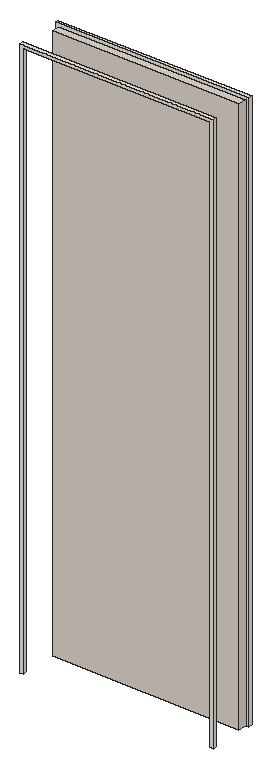
Revit family "Porta_Dupla", category Doors, host Wall, Revit 2025
Family settings
  Host = Wall
  OmniClass Number = 23.30.10.00
  OmniClass Title = Doors
  Always vertical = Yes
  Cut with Voids When Loaded = No
  Shared = No
  Room Calculation Point = Yes
Parameters (values of type "POR_070x210_DUS_BOX_CEG")
  Width = 700.00 mm
  Visual Light Transmittance = 0
  Thickness = 30.00 mm
  Thermal Resistance (R) = 0.270117 (m²·K)/W
  Solar Heat Gain Coefficient = 0
  Define Thermal Properties by = Schematic Type
  Construction Type Id = "MDOOR"
  Heat Transfer Coefficient (U) = 3.7021 W/(m²·K)
  Function = Interior
  Door Material = CT_Porta_Folha
  Frame Material = CT_Porta_Marco
  Height = 2100.00 mm
  Trim Projection Ext = 12.50 mm
  Trim Projection Int = 12.50 mm
  Trim Width = 35.00 mm
  Wall Closure = By host
  Width_Large = 350.00 mm
  Width_Small = Width - Width_Large  # 350.00 mm
  Analytic Construction = "Metal"
Types (21, lengths in mm): name | Width | Trim Projection Ext | Trim Projection Int | Trim Width | Width_Large | Width_Small
  POR_070x210_DUS_BOX_CEG | 700.00 | 12.50 | 12.50 | 35.00 | 350.00 | 350.00
  POR_080x210-060_DUA_INT_CEG | 800.00 | 12.50 | 12.50 | 35.00 | 600.00 | 200.00
  POR_350x210_DUS_INT_CEG | 3500.00 | 12.50 | 12.50 | 35.00 | 1750.00 | 1750.00
  POR_300x210_DUS_INT_CEG | 3000.00 | 12.50 | 12.50 | 35.00 | 1500.00 | 1500.00
  POR_290x210_DUS_INT_CEG | 2900.00 | 12.50 | 12.50 | 35.00 | 1450.00 | 1450.00
  POR_080x210_DUS_INT_CEG | 800.00 | 12.50 | 12.50 | 35.00 | 400.00 | 400.00
  POR_130x210_DUS_INT_CEG | 1300.00 | 12.50 | 12.50 | 35.00 | 650.00 | 650.00
  POR_270x210_DUS_INT_CEG | 2700.00 | 12.50 | 12.50 | 35.00 | 1350.00 | 1350.00
  POR_100x210_DUS_INT_CEG | 1000.00 | 12.50 | 12.50 | 35.00 | 500.00 | 500.00
  POR_250x210_DUS_INT_CEG | 2500.00 | 12.50 | 12.50 | 35.00 | 1250.00 | 1250.00
  POR_200x210_DUS_INT_CEG | 2000.00 | 12.50 | 12.50 | 35.00 | 1000.00 | 1000.00
  POR_120x210-080_DUA_INT_CEG | 1200.00 | 12.50 | 12.50 | 35.00 | 800.00 | 400.00
  POR_140x210-080_DUA_INT_CEG | 1400.00 | 12.50 | 12.50 | 35.00 | 600.00 | 800.00
  POR_120x210_DUS_INT_CEG | 1200.00 | 12.50 | 12.50 | 35.00 | 600.00 | 600.00
  POR_180x210_DUS_INT_CEG | 1800.00 | 12.50 | 12.50 | 35.00 | 900.00 | 900.00
  POR_160x210_DUS_INT_CEG | 1600.00 | 12.50 | 12.50 | 35.00 | 800.00 | 800.00
  POR_500x210_DUS_AUD_ACU | 5000.00 | 12.50 | 12.50 | 35.00 | 2500.00 | 2500.00
  POR_140x210_DUS_AUD_ACU | 1400.00 | 12.50 | 12.50 | 35.00 | 700.00 | 700.00
  POR_180x210_DUS_AUD_ACU | 1800.00 | 12.50 | 12.50 | 35.00 | 900.00 | 900.00
  POR_200x210_DUS_AUD_ACU | 2000.00 | 12.50 | 12.50 | 35.00 | 1000.00 | 1000.00
  POR_120x210_DUS_ACD_VIS_MET | 1250.00 | 10.00 | 10.00 | 30.00 | 625.00 | 625.00
Reference planes
  plane 1: y = 0
  plane 2: z = 0
  plane 3 "Center": x = -248
  plane 4 "Left": x = -598
  plane 5 "Right": x = 102
  plane 6 "Top": z = 2100
Forms (mm)
  Extrusion 1, solid, material "CT_Porta_Marco" <- "Frame Material"
    sketch origin (-2286, 76.2, 0) x (-1, 0, 0) y (0, 0, 1)
      loop
        line (-2388, 2100) -> (-1688, 2100) -> (-1688, 0) -> (-1675.5, 0) -> (-1675.5, 2112.5) -> (-2400.5, 2112.5) -> (-2400.5, 0) -> (-2388, 0) -> (-2388, 2100)
    from 0 to 12.5
  Extrusion 2, solid, material "CT_Porta_Marco" <- "Frame Material"
    sketch origin (-2286, -76.2, 0) x (1, 0, 0) y (0, 0, 1)
      loop
        line (1688, 0) -> (1688, 2100) -> (2388, 2100) -> (2388, 0) -> (2400.5, 0) -> (2400.5, 2112.5) -> (1675.5, 2112.5) -> (1675.5, 0) -> (1688, 0)
    from 0 to 12.5
  Extrusion 3, solid, material "CT_Porta_Folha" <- "Door Material"
    sketch origin (0, 0, 0) x (1, 0, 0) y (0, 1, 0)
      loop
        line (-598, 76.2) -> (-598, 46.2) -> (102, 46.2) -> (102, 76.2) -> (-598, 76.2)
    from 0 to 2100
Lines and regions (mm)
  Opening 1
    outline origin (-2286, -76.2, 0) x (1, 0, 0) y (0, 0, 1)
      loop
        line (1688, 0) -> (2388, 0) -> (2388, 2100) -> (1688, 2100) -> (1688, 0)
  symbolic lines, style "Plan Swing"
    curve 1: arc (-248, 76.2, 0) -> (-350.513, 323.687, 0) -> (-598, 426.2, 0) r 350
    curve 12: arc (-248, 76.2, 0) -> (-145.487, 323.687, 0) -> (102, 426.2, 0) r 350
  symbolic lines, style "DoorsPanelProjection"
    curve 2: line (-598, 76.2, 0) -> (-568, 76.2, 0)
    curve 3: line (-598, 76.2, 0) -> (-598, 424.702, 0)
    curve 4: line (-598, 424.702, 0) -> (-565.651, 424.702, 0)
    curve 5: line (-568, 76.2, 0) -> (-568, 424.912, 0)
    curve 8: line (102, 76.2, 0) -> (72, 76.2, 0)
    curve 9: line (102, 76.2, 0) -> (102, 426.2, 0)
    curve 10: line (102, 426.2, 0) -> (72, 426.2, 0)
    curve 11: line (72, 76.2, 0) -> (72, 426.2, 0)
  model lines, style "DoorsPanelProjection"
    curve 6: line (-248, 76.2, 2100) -> (-248, 76.2, 0)
    curve 7: line (-248, 46.2, 2100) -> (-248, 46.2, 0)
  symbolic lines, style "Elevation Swing"
    curve 13: line (-248, 0, 2100) -> (-598, 0, 1050)
    curve 14: line (-598, 0, 1050) -> (-248, 0, 0)
    curve 15: line (-248, 0, 2100) -> (102, 0, 1050)
    curve 16: line (102, 0, 1050) -> (-248, 0, 0)
Text (mm)
  text "Exterior" at (-1852.85, 748.929, 0), in view "Floor Line"
  text "Interior" at (-1852.85, -701.767, 0), in view "Floor Line"
  text "Exterior" at (0, 1019.848, 3124.603), in view "Right"
  text "Interior" at (0, -1635.541, 3124.603), in view "Right"
  text "Interior" at (0, -762.224, 2974.944), in view "Left"
  text "Exterior" at (0, 1135.773, 2974.944), in view "Left"
Dimensions and locks
  "Trim Projection Ext": Extrusion 2 sketch curve to plane 4 "Left"
  "Trim Projection Ext": Extrusion 2 sketch curve to plane 5 "Right"
  "Trim Projection Ext": Extrusion 2 sketch curve to plane 6 "Top"
  "Trim Projection Ext": Extrusion 1 sketch curve to Extrusion 1 sketch curve  (x2)
  "Trim Projection Ext": Extrusion 1 sketch curve to plane 6 "Top"
  "Trim Projection Int": Extrusion 2 to host wall
  "Trim Projection Ext": Extrusion 1 to host wall
  plane 4 "Left" to plane 3 "Center" to plane 5 "Right" = 350.00 mm, 350.00 mm
  "Thickness": curve 5 to curve 3
  "Thickness": Extrusion 1 to Extrusion 3 sketch curve
  "Width_Large": plane 4 "Left" to plane 3 "Center"
  "Width_Small": plane 3 "Center" to plane 5 "Right"
  level to plane 2 = 0.00 mm
  "Thickness": curve 11 to plane 5 "Right"
  "Height": plane 6 "Top" to level
  equal spacing: level, curve 14, plane 6 "Top"
  equal spacing: level, curve 16, plane 6 "Top"
  Extrusion 2 to Extrusion 2 = 12.50 mm  (x2)
  Extrusion 1 to Extrusion 1 = 12.50 mm  (x2)
  aligned and locked: plane 4 "Left" to Opening 1 sketch curve
  aligned and locked: plane 6 "Top" to Opening 1 sketch curve  (x2)
  aligned and locked: Opening 1 sketch curve to plane 5 "Right"
  aligned and locked: Opening 1 sketch curve to level
  aligned and locked: plane 6 "Top" to Extrusion 1 sketch curve  (x2)
  aligned and locked: plane 4 "Left" to Extrusion 1 sketch curve
  aligned and locked: Extrusion 1 sketch curve to plane 4 "Left"
  aligned and locked: level to Extrusion 1 sketch curve
  aligned and locked: plane 5 "Right" to Extrusion 1 sketch curve
  aligned and locked: Extrusion 1 to host wall
  aligned and locked: plane 4 "Left" to Extrusion 2 sketch curve
  aligned and locked: plane 6 "Top" to Extrusion 2 sketch curve  (x2)
  aligned and locked: plane 5 "Right" to Extrusion 2 sketch curve  (x2)
  aligned and locked: level to Extrusion 2 sketch curve
  aligned and locked: Extrusion 2 sketch curve to level
  aligned and locked: Extrusion 2 to host wall
  aligned and locked: Extrusion 1 to Extrusion 3 sketch curve
  aligned and locked: Extrusion 3 to host wall
  aligned and locked: curve 8 to Extrusion 3
  aligned and locked: curve 8 to Extrusion 1
  aligned and locked: plane 5 "Right" to host wall  (x2)
  aligned and locked: Extrusion 1 sketch curve to level
  aligned and locked: Extrusion 2 sketch curve to Extrusion 1
  aligned and locked: Extrusion 1 to curve 2
  aligned and locked: level to plane 2
Automatic sketch dimensions
  Extrusion 3 sketch curve to plane 4 "Left" = 0.00 mm
  Extrusion 3 sketch curve to plane 5 "Right" = 0.00 mm
  curve 1 to plane 4 "Left" = 0.00 mm
  curve 2 to plane 4 "Left" = 0.00 mm
  curve 1 to plane 3 "Center" = 0.00 mm
  curve 12 to plane 3 "Center" = 0.00 mm
  curve 5 to curve 4 = 2.349 mm
  curve 2 to curve 1 = 0.00 mm
  curve 15 to plane 3 "Center" = 0.00 mm
  curve 15 to plane 6 "Top" = 0.00 mm
  curve 7 to plane 3 "Center" = 0.00 mm
  curve 7 to plane 6 "Top" = 0.00 mm
  curve 6 to plane 3 "Center" = 0.00 mm
  curve 6 to plane 6 "Top" = 0.00 mm
  curve 13 to plane 4 "Left" = 0.00 mm
  curve 15 to plane 5 "Right" = 0.00 mm
  curve 7 to level = 0.00 mm
  curve 6 to level = 0.00 mm
  curve 16 to level = 0.00 mm
  curve 14 to plane 3 "Center" = 0.00 mm
